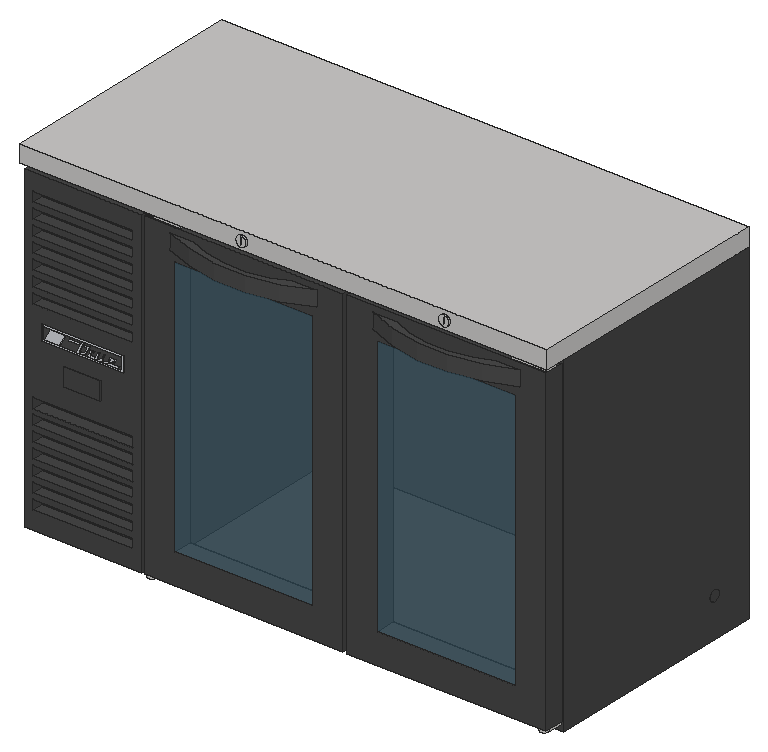
Revit family "QF_TRUE_TBR52-RISZ1-L-B-GG-1", category Specialty Equipment, Revit 2016
Family settings
  Part Type = Normal
  Round Connector Dimension = Use Diameter
  Work Plane-Based = No
  Always vertical = Yes
  Cut with Voids When Loaded = No
  Shared = No
  Room Calculation Point = No
Parameters (values of type "QF_TRUE_TBR52-RISZ1-L-B-GG-1")
  Weight in Pounds = 405
  Watts = if(Phase = 3, Volts * FL Amps * 1.73, Volts * FL Amps)  # 207 W
  Waste Water Discharge Temperature = 0 °F
  Volts = 115 V
  URL Cutsheet = ""
  Specification by User = ""
  Specification by Manufacturer = ""
  Show Logo [instance] = yes
  Show Leg Levelers [instance] = no
  Show Standard Unit [instance] = yes
  Show Seismic Flange [instance] = no
  Show 6 Inches Legs [instance] = no
  Show Clearance [instance] = no
  Show 1 Inch Rollers [instance] = no
  Show 5 Inches Castors [instance] = no
  Show 4 Inches Castors [instance] = no
  Show 3 Inches Castors [instance] = no
  Show 2 Inches Castors [instance] = no
  Serial Number = ""
  Seismic Rating = ""
  SMACNA No = ""
  Revision Code = ""
  Plumbing Remarks = ""
  Plumbing Connection Type = ""
  Phase = 1
  Number of Poles = 1
  NAFEM Spec ID Number = ""
  Model = "TBR52-RISZ1-L-B-GG-1"
  Min Ckt Ampacity = 0 A
  Max Overcurrent Protection = 0 A
  Masterspec = ""
  Manufacturer = "TRUE"
  Length = 52"
  Item Number = ""
  Installed By = ""
  Indirect Waste Size = 1"
  Indirect Waste Flow = 0 GPM
  Indirect Waste Connection Type = ""
  Indirect Waste Connection Height = 0"
  Identify Quantity as Lot = yes
  Height [instance] = if(Show Standard Unit, 34 11/16", if(Show Leg Levelers, 34 15/16", if(Show 1 Inch Rollers, 35 9/16", if(Show 2 Inches Castors, 37 9/16", if(Show 3 Inches Castors, 38 9/16", if(Show 4 Inches Castors, 39 3/4", if(Show 5 Inches Castors, 40 3/4", if(Show 6 Inches Legs, 40 11/16", if(Show Seismic Flange, 40 11/16", 34 11/16")))))))))  # 34 11/16"
  HP = "1/5"
  Furnished By = ""
  Foodservice Equipment Identifier = yes
  FL Amps = 1.8 A
  Electrical Remarks = ""
  Electric Connection Type = ""
  Elec Conn RI Height = 0"
  Elec Conn Connection Height = 0"
  Description = "REACH-IN SINGLE ZONE REFRIGERATOR WITH LEFT SIDE REFRIGERATION SYSTEM. BLACK EXTERIOR AND GLASS SWING DOORS"
  Depth = 26 3/8"
  Cycle = 60 Hz
  Conn Plug = "NEMA 5-15P"
  Conn Conduit = yes
  Cold Water Temperature Recommended = 0 °F
  Cold Water Size = 2 1/4"
  Cold Water RI Height = 0"
  Cold Water Minimum Pressure = 0.00 psi
  Cold Water Maximum Pressure = 0.00 psi
  Cold Water Flow = 0 GPM
  Cold Water Consumption = ""
  Cold Water Connection Height = 0"
  CSI MasterFormat = ""
  Apparent Power = if(Phase = 3, Volts * FL Amps * 1.73, Volts * FL Amps)  # 207 VA
Reference planes (in)
  plane 1 "BACK": y = 0
  plane 2: z = 0
  plane 3 "LEFT": x = 0
  plane 4 "RIGHT": x = 52
  plane 5 "FRONT": y = -26.375
  plane 6 "TOP": z = 0
  plane 7 "Center Y": x = 26
  plane 8 "Center X": y = -13.1875
  plane 9: y = -24.84375
  plane 10: y = -24.65625
  plane 11: y = -43.59375
  plane 12: z = 34.6875
Dimensions and locks (in)
  equal spacing: plane 3 "LEFT", plane 7 "Center Y", plane 4 "RIGHT"
  "Length": plane 3 "LEFT" to plane 4 "RIGHT"
  equal spacing: plane 5 "FRONT", plane 8 "Center X", plane 1 "BACK"
  "Depth": plane 5 "FRONT" to plane 1 "BACK"
  "Height": plane 12 to level
  plane 3 "LEFT" to plane 4 "RIGHT" = 52"
  plane 5 "FRONT" to plane 1 "BACK" = 26 3/8"
  plane 9 to plane 1 "BACK" = 24 27/32"
  plane 10 to plane 1 "BACK" = 24 21/32"
  plane 11 to plane 1 "BACK" = 43 19/32"
  locked: plane 12 to plane 6 "TOP" at 34.6875
  aligned and locked: level to plane 2
  aligned and locked: nested 1 to plane 6 "TOP"
Nested families (in)
  nested 1: "TBR52-RISZ1-L-B-GG-1" at (0, 0, 0), Show Clearance <- "Show Clearance", Show Logo <- "Show Logo", type "TBR52-RISZ1-L-B-GG-1"
    with Show Logo yes, Show Clearance no
  nested 2: "CASTORS & LEGS" at (4, -20.61228, 0), Show 2 Inches Castors <- "Show 2 Inches Castors", Show 3 Inches Castors <- "Show 3 Inches Castors", Show 4 Inches Castors <- "Show 4 Inches Castors", Show 5 Inches Castors <- "Show 5 Inches Castors", Show Legs <- "Show 6 Inches Legs", Show Legs with Flandge <- "Show Seismic Flange", Show 1 Inch Rollers <- "Show 1 Inch Rollers", Show Leg Levelers <- "Show Leg Levelers", type "CASTORS & LEGS"
    with Type Mark "", Status "", Specification by User "", Show Legs with Flandge no, Show Legs no, Show Leg Levelers no, Show 5 Inches Castors no, Show 4 Inches Castors no, Show 3 Inches Castors no, Show 2 Inches Castors no, Show 1 Inch Rollers no, Revision Code "", Item Number "", Installed By "", Identify Quantity as Lot yes, Furnished By "", Foodservice Equipment Identifier yes
  nested 3: "CASTORS & LEGS" at (48, -20.61228, 0), Show 2 Inches Castors <- "Show 2 Inches Castors", Show 3 Inches Castors <- "Show 3 Inches Castors", Show 4 Inches Castors <- "Show 4 Inches Castors", Show 5 Inches Castors <- "Show 5 Inches Castors", Show Legs <- "Show 6 Inches Legs", Show Legs with Flandge <- "Show Seismic Flange", Show 1 Inch Rollers <- "Show 1 Inch Rollers", Show Leg Levelers <- "Show Leg Levelers", type "CASTORS & LEGS"
    with Type Mark "", Status "", Specification by User "", Show Legs with Flandge no, Show Legs no, Show Leg Levelers no, Show 5 Inches Castors no, Show 4 Inches Castors no, Show 3 Inches Castors no, Show 2 Inches Castors no, Show 1 Inch Rollers no, Revision Code "", Item Number "", Installed By "", Identify Quantity as Lot yes, Furnished By "", Foodservice Equipment Identifier yes
  nested 4: "CASTORS & LEGS" at (4, -3.48728, 0), Show 2 Inches Castors <- "Show 2 Inches Castors", Show 3 Inches Castors <- "Show 3 Inches Castors", Show 4 Inches Castors <- "Show 4 Inches Castors", Show 5 Inches Castors <- "Show 5 Inches Castors", Show Legs <- "Show 6 Inches Legs", Show Legs with Flandge <- "Show Seismic Flange", Show 1 Inch Rollers <- "Show 1 Inch Rollers", Show Leg Levelers <- "Show Leg Levelers", type "CASTORS & LEGS"
    with Type Mark "", Status "", Specification by User "", Show Legs with Flandge no, Show Legs no, Show Leg Levelers no, Show 5 Inches Castors no, Show 4 Inches Castors no, Show 3 Inches Castors no, Show 2 Inches Castors no, Show 1 Inch Rollers no, Revision Code "", Item Number "", Installed By "", Identify Quantity as Lot yes, Furnished By "", Foodservice Equipment Identifier yes
  nested 5: "CASTORS & LEGS" at (48, -3.48728, 0), Show 2 Inches Castors <- "Show 2 Inches Castors", Show 3 Inches Castors <- "Show 3 Inches Castors", Show 4 Inches Castors <- "Show 4 Inches Castors", Show 5 Inches Castors <- "Show 5 Inches Castors", Show Legs <- "Show 6 Inches Legs", Show Legs with Flandge <- "Show Seismic Flange", Show 1 Inch Rollers <- "Show 1 Inch Rollers", Show Leg Levelers <- "Show Leg Levelers", type "CASTORS & LEGS"
    with Type Mark "", Status "", Specification by User "", Show Legs with Flandge no, Show Legs no, Show Leg Levelers no, Show 5 Inches Castors no, Show 4 Inches Castors no, Show 3 Inches Castors no, Show 2 Inches Castors no, Show 1 Inch Rollers no, Revision Code "", Item Number "", Installed By "", Identify Quantity as Lot yes, Furnished By "", Foodservice Equipment Identifier yes
Connectors (in)
  electrical at (6, 0.25, 18.5), driven by "Volts", driven by "Watts"
    settings: on nested 1, index 1, voltage 115 V, apparent load 207 VA, apparent load phase1 0 VA, apparent load phase2 0 VA, apparent load phase3 0 VA, power factor 1, load classification "Other", number of poles 1, system type 30, power factor state 1, is connector primary yes, connector utility no, sub classification motor no, connector description "ELECTRICAL CONNECTION"
  piping at (16.75, -4.96875, 0.48808), diameter 2.25
    settings: on nested 1, index 2, connector inside diameter 24", connector length 0", flow factor 0, pipe flow 0 GPM, pressure drop 0.00 psi, fitting loss kfactor 0, connector angle 0.00°, fixture units 0, engagement length 0", angle of deflection 0.00°, flow configuration 1, flow direction 2, fitting loss method 0, system type 16, joint type 0, gender type 0, connector reference index -1, connector utility 0, adjustable connector no, is connector primary yes, connector description "FLOOR ACCESS"
  piping at (44.25, -4.34375, 0.48808), diameter 1, driven by "Indirect Waste Size"
    settings: on nested 1, index 3, connector inside diameter 24", connector length 0", flow factor 0, pipe flow 0 GPM, pressure drop 0.00 psi, fitting loss kfactor 0, connector angle 0.00°, fixture units 0, engagement length 0", angle of deflection 0.00°, flow configuration 1, flow direction 1, fitting loss method 0, system type 22, joint type 0, gender type 0, connector reference index -1, connector utility 0, adjustable connector no, is connector primary no, connector description "DRAIN"
  piping at (52.125, -4.3125, 3.96875), diameter 1
    settings: on nested 1, index 4, connector inside diameter 24", connector length 0", flow factor 0, pipe flow 0 GPM, pressure drop 0.00 psi, fitting loss kfactor 0, connector angle 0.00°, fixture units 0, engagement length 0", angle of deflection 0.00°, flow configuration 1, flow direction 1, fitting loss method 0, system type 22, joint type 0, gender type 0, connector reference index -1, connector utility 0, adjustable connector no, is connector primary no, connector description "CONDENSATE"
Definition of nested family "TBR52-RISZ1-L-B-GG-1"
  Parameters (values of type "TBR52-RISZ1-L-B-GG-1")
    Weight in Pounds = 405
    Watts = if(Phase = 3, Volts * FL Amps * 1.73, Volts * FL Amps)  # 207 W
    Waste Water Discharge Temperature = 0 °F
    Volts = 115 V
    URL Cutsheet = ""
    Specification by User = ""
    Specification by Manufacturer = ""
    Show Logo [instance] = yes
    Show Clearance [instance] = yes
    Serial Number = ""
    Seismic Rating = ""
    SMACNA No = ""
    Revision Code = ""
    Plumbing Remarks = ""
    Plumbing Connection Type = ""
    Phase = 1
    Number of Poles = 1
    NAFEM Spec ID Number = ""
    Model = "TBR52-RISZ1-L-B-GG-1"
    Min Ckt Ampacity = 0 A
    Max Overcurrent Protection = 0 A
    Masterspec = ""
    Manufacturer = "TRUE"
    Length = 52"
    Item Number = ""
    Installed By = ""
    Indirect Waste Size = 1"
    Indirect Waste Flow = 0 GPM
    Indirect Waste Connection Type = ""
    Indirect Waste Connection Height = 0"
    Identify Quantity as Lot = yes
    Height = 34 11/16"
    HP = "1/5"
    Furnished By = ""
    Foodservice Equipment Identifier = yes
    FL Amps = 1.8 A
    Electrical Remarks = ""
    Electric Connection Type = ""
    Elec Conn RI Height = 0"
    Elec Conn Connection Height = 0"
    Description = "REACH-IN SINGLE ZONE REFRIGERATOR WITH LEFT SIDE REFRIGERATION SYSTEM. BLACK EXTERIOR AND GLASS SWING DOORS"
    Depth = 26 3/8"
    Cycle = 60 Hz
    Conn Plug = "NEMA 5-15P"
    Conn Conduit = yes
    Cold Water Temperature Recommended = 0 °F
    Cold Water Size = 2 1/4"
    Cold Water RI Height = 0"
    Cold Water Minimum Pressure = 0.00 psi
    Cold Water Maximum Pressure = 0.00 psi
    Cold Water Flow = 0 GPM
    Cold Water Consumption = ""
    Cold Water Connection Height = 0"
    CSI MasterFormat = ""
    Apparent Power = if(Phase = 3, Volts * FL Amps * 1.73, Volts * FL Amps)  # 207 VA
  Reference planes (in)
    plane 1 "BACK": y = 0
    plane 2: z = 0
    plane 3 "LEFT": x = 0
    plane 4 "RIGHT": x = 52
    plane 5 "FRONT": y = -26.375
    plane 6 "TOP": z = 34.6875
    plane 7 "Center Y": x = 26
    plane 8 "Center X": y = -13.1875
    plane 9: y = -24.84375
    plane 10: y = -24.65625
    plane 11: y = -43.59375
  Forms (in)
    Extrusion 1, solid
      sketch origin (0, 0, 0) x (0, 1, 0) y (0, 0, 1)
        loop
          line (-24.84375, 34.6875) -> (-24.84375, 32.9375) -> (0, 32.9375) -> (0, 34.6875) -> (-24.84375, 34.6875)
      from 0 to 52
    Extrusion 2, solid
      sketch origin (0, 0, 0) x (1, 0, 0) y (0, 0, 1)
        loop
          line (0, 32.9375) -> (0, 0) -> (52, 0) -> (52, 32.9375) -> (0, 32.9375)
        loop
          line (12.09375, 32.46875) -> (12.09375, 0.78125) -> (51.75, 0.78125) -> (51.75, 32.46875) -> (12.09375, 32.46875)
      from 0 to 22.75
    Extrusion 3, solid
      sketch origin (0, 0, 0) x (-1, 0, 0) y (0, 0, 1)
        loop
          line (-12.09375, 32.46875) -> (-51.75, 32.46875) -> (-51.75, 0.78125) -> (-12.09375, 0.78125) -> (-12.09375, 32.46875)
      from 0 to -2
    Extrusion 4, solid
      sketch origin (0, -22.75, 0) x (1, 0, 0) y (0, 0, 1)
        loop
          line (0.25, 0.78125) -> (11.84375, 0.78125) -> (11.84375, 32.46875) -> (0.25, 32.46875) -> (0.25, 0.78125)
        loop
          line (1.125, 30.81709) -> (1.125, 29.81709) -> (10.96875, 29.81709) -> (10.96875, 30.81709) -> (1.125, 30.81709)
        loop
          line (1.125, 29.31709) -> (1.125, 28.31709) -> (10.96875, 28.31709) -> (10.96875, 29.31709) -> (1.125, 29.31709)
        loop
          line (1.125, 27.81709) -> (1.125, 26.81709) -> (10.96875, 26.81709) -> (10.96875, 27.81709) -> (1.125, 27.81709)
        loop
          line (1.125, 26.31709) -> (1.125, 25.31709) -> (10.96875, 25.31709) -> (10.96875, 26.31709) -> (1.125, 26.31709)
        loop
          line (1.125, 24.81709) -> (1.125, 23.81709) -> (10.96875, 23.81709) -> (10.96875, 24.81709) -> (1.125, 24.81709)
        loop
          line (1.125, 21.81709) -> (1.125, 20.81709) -> (10.96875, 20.81709) -> (10.96875, 21.81709) -> (1.125, 21.81709)
        loop
          line (1.125, 23.31709) -> (1.125, 22.31709) -> (10.96875, 22.31709) -> (10.96875, 23.31709) -> (1.125, 23.31709)
        loop
          line (1.125, 12.56709) -> (1.125, 11.56709) -> (10.96875, 11.56709) -> (10.96875, 12.56709) -> (1.125, 12.56709)
        loop
          line (1.125, 11.06709) -> (1.125, 10.06709) -> (10.96875, 10.06709) -> (10.96875, 11.06709) -> (1.125, 11.06709)
        loop
          line (1.125, 9.56709) -> (1.125, 8.56709) -> (10.96875, 8.56709) -> (10.96875, 9.56709) -> (1.125, 9.56709)
        loop
          line (1.125, 8.06709) -> (1.125, 7.06709) -> (10.96875, 7.06709) -> (10.96875, 8.06709) -> (1.125, 8.06709)
        loop
          line (1.125, 6.56709) -> (1.125, 5.56709) -> (10.96875, 5.56709) -> (10.96875, 6.56709) -> (1.125, 6.56709)
        loop
          line (1.125, 3.56709) -> (1.125, 2.56709) -> (10.96875, 2.56709) -> (10.96875, 3.56709) -> (1.125, 3.56709)
        loop
          line (1.125, 5.06709) -> (1.125, 4.06709) -> (10.96875, 4.06709) -> (10.96875, 5.06709) -> (1.125, 5.06709)
      from 0.125 to 1.90625
    Extrusion 5, solid
      sketch origin (0, -22.75, 0) x (1, 0, 0) y (0, 0, 1)
        loop
          line (12.09375, 0.78125) -> (31.71875, 0.78125) -> (31.71875, 32.46875) -> (12.09375, 32.46875) -> (12.09375, 0.78125)
        loop
          line (51.75, 0.78125) -> (51.75, 32.46875) -> (32.125, 32.46875) -> (32.125, 0.78125) -> (51.75, 0.78125)
        loop
          line (28.71875, 29.46875) -> (15.09375, 29.46875) -> (15.09375, 3.78125) -> (28.71875, 3.78125) -> (28.71875, 29.46875)
        loop
          line (48.75, 29.46875) -> (35.125, 29.46875) -> (35.125, 3.78125) -> (48.75, 3.78125) -> (48.75, 29.46875)
      from 0 to 1.90625
    Extrusion 6, solid
      sketch origin (0, -22.75, 0) x (1, 0, 0) y (0, 0, 1)
        loop
          line (35.125, 29.46875) -> (35.125, 3.78125) -> (48.75, 3.78125) -> (48.75, 29.46875) -> (35.125, 29.46875)
        loop
          line (15.09375, 29.46875) -> (15.09375, 3.78125) -> (28.71875, 3.78125) -> (28.71875, 29.46875) -> (15.09375, 29.46875)
      from 0 to 1.90625
    Extrusion 7, solid
      sketch origin (0.04324, -24.65625, 0) x (1, 0, 0) y (0, 0, 1)
        loop
          line (4.20676, 16.37472) -> (4.20676, 14.62472) -> (7.80051, 14.62472) -> (7.80051, 16.37472) -> (4.20676, 16.37472)
      from 0 to 0.125
    Extrusion 8, solid
      sketch origin (6, -24.84375, 34.4375) x (0, 0, 1) y (-1, 0, 0)
        loop
          circle (-0.65572, -15.90625) r 0.5
        loop
          line (-0.32569, -15.84362) -> (-0.96744, -15.84362) -> (-0.96744, -15.98332) -> (-0.32569, -15.98332) -> (-0.32569, -15.84362)
        loop
          circle (-0.65572, -35.9375) r 0.5
        loop
          line (-0.32569, -35.87487) -> (-0.96744, -35.87487) -> (-0.96744, -36.01457) -> (-0.32569, -36.01457) -> (-0.32569, -35.87487)
      from 0 to 0.125
    Extrusion 9, solid
      sketch origin (0, -22.75, 0) x (1, 0, 0) y (0, 0, 1)
        loop
          line (1.28286, 30.81709) -> (1.28286, 29.81709) -> (11.12661, 29.81709) -> (11.12661, 30.81709) -> (1.28286, 30.81709)
        loop
          line (1.28286, 29.31709) -> (1.28286, 28.31709) -> (11.12661, 28.31709) -> (11.12661, 29.31709) -> (1.28286, 29.31709)
        loop
          line (1.28286, 27.81709) -> (1.28286, 26.81709) -> (11.12661, 26.81709) -> (11.12661, 27.81709) -> (1.28286, 27.81709)
        loop
          line (1.28286, 26.31709) -> (1.28286, 25.31709) -> (11.12661, 25.31709) -> (11.12661, 26.31709) -> (1.28286, 26.31709)
        loop
          line (1.28286, 24.81709) -> (1.28286, 23.81709) -> (11.12661, 23.81709) -> (11.12661, 24.81709) -> (1.28286, 24.81709)
        loop
          line (1.28286, 21.81709) -> (1.28286, 20.81709) -> (11.12661, 20.81709) -> (11.12661, 21.81709) -> (1.28286, 21.81709)
        loop
          line (1.28286, 23.31709) -> (1.28286, 22.31709) -> (11.12661, 22.31709) -> (11.12661, 23.31709) -> (1.28286, 23.31709)
        loop
          line (1.28286, 12.56709) -> (1.28286, 11.56709) -> (11.12661, 11.56709) -> (11.12661, 12.56709) -> (1.28286, 12.56709)
        loop
          line (1.28286, 11.06709) -> (1.28286, 10.06709) -> (11.12661, 10.06709) -> (11.12661, 11.06709) -> (1.28286, 11.06709)
        loop
          line (1.28286, 9.56709) -> (1.28286, 8.56709) -> (11.12661, 8.56709) -> (11.12661, 9.56709) -> (1.28286, 9.56709)
        loop
          line (1.28286, 8.06709) -> (1.28286, 7.06709) -> (11.12661, 7.06709) -> (11.12661, 8.06709) -> (1.28286, 8.06709)
        loop
          line (1.28286, 6.56709) -> (1.28286, 5.56709) -> (11.12661, 5.56709) -> (11.12661, 6.56709) -> (1.28286, 6.56709)
        loop
          line (1.28286, 3.56709) -> (1.28286, 2.56709) -> (11.12661, 2.56709) -> (11.12661, 3.56709) -> (1.28286, 3.56709)
        loop
          line (1.28286, 5.06709) -> (1.28286, 4.06709) -> (11.12661, 4.06709) -> (11.12661, 5.06709) -> (1.28286, 5.06709)
      from 0.125 to 0.7394
    Extrusion 10, solid
      sketch origin (38.62034, -22.77627, 32.7789) x (-1, 0, 0) y (0, -1, 0)
        loop
          line (26.54069, 1.96875) -> (25.55416, 1.96875) -> (25.58853, 0) -> (26.50632, 0) -> (26.54069, 1.96875)
        loop
          circle (26.09249, 1.43752) r 0.25
      from 0 to 0.1586
    Extrusion 11, solid
      sketch origin (11.86749, -22.16889, 0.78125) x (0, -1, 0) y (-1, 0, 0)
        loop
          line (0.60739, -1.14466) -> (2.06523, -1.11503)
          arc (2.06523, -1.11503) -> (2.48736, -0.68546) -> (2.06523, -0.25589) r 0.42963
          line (2.06523, -0.25589) -> (0.60739, -0.22626) -> (0.60739, -1.14466)
        loop
          circle (2.05773, -0.68546) r 0.25
      from 0 to 0.22057
    Extrusion 12, solid
      sketch origin (11.86749, -22.16889, 0.78125) x (0, -1, 0) y (-1, 0, 0)
        loop
          circle (2.05773, -0.68546) r 0.25
      from 0 to 0.29961
    Extrusion 13, solid
      sketch origin (38.62034, -22.16889, 32.46875) x (-1, 0, 0) y (0, -1, 0)
        loop
          line (26.52659, 1.27764) -> (26.52659, 2.32875) -> (23.06149, 2.32875) -> (23.06149, 1.27764) -> (26.52659, 1.27764)
        loop
          circle (26.09113, 1.82353) r 0.25
        loop
          circle (24.44087, 1.81192) r 0.25
        loop
          circle (23.44087, 1.81192) r 0.25
      from 0 to 0.22057
    Extrusion 14, solid
      sketch origin (38.62034, -22.16889, 32.46875) x (-1, 0, 0) y (0, -1, 0)
        loop
          circle (24.44087, 1.81192) r 0.25
        loop
          circle (23.44087, 1.81192) r 0.25
      from 0 to 0.31015
    Extrusion 15, solid
      sketch origin (11.86749, -22.16889, 0.78125) x (0, -1, 0) y (-1, 0, 0)
        loop
          line (0.60739, -1.14466) -> (2.06523, -1.11503)
          arc (2.06523, -1.11503) -> (2.48736, -0.68546) -> (2.06523, -0.25589) r 0.42963
          line (2.06523, -0.25589) -> (0.60739, -0.22626) -> (0.60739, -1.14466)
        loop
          circle (2.05773, -0.68546) r 0.25
      from 0 to 0.22057
    Extrusion 16, solid
      sketch origin (11.86749, -22.16889, 0.78125) x (0, -1, 0) y (-1, 0, 0)
        loop
          circle (2.05773, -0.68546) r 0.25
      from 0 to 0.29961
    Extrusion 17, solid
      sketch origin (38.62034, -22.16889, 32.9664) x (-1, 0, 0) y (0, -1, 0)
        loop
          circle (26.09249, 1.82353) r 0.25
      from -0.0289 to -0.27708
    Extrusion 18, solid
      sketch origin (25.22341, -22.77627, 32.7789) x (1, 0, 0) y (0, 1, 0)
        loop
          line (26.54069, -1.96875) -> (26.50632, 0) -> (25.58853, 0) -> (25.55416, -1.96875) -> (26.54069, -1.96875)
        loop
          circle (26.09249, -1.43752) r 0.25
      from 0 to 0.1586
    Extrusion 19, solid
      sketch origin (51.97626, -22.16889, 0.78125) x (0, 1, 0) y (1, 0, 0)
        loop
          line (-0.60739, -1.14466) -> (-0.60739, -0.22626) -> (-2.06523, -0.25589)
          arc (-2.06523, -0.25589) -> (-2.48736, -0.68546) -> (-2.06523, -1.11503) r 0.42963
          line (-2.06523, -1.11503) -> (-0.60739, -1.14466)
        loop
          circle (-2.05773, -0.68546) r 0.25
      from 0 to 0.22057
    Extrusion 20, solid
      sketch origin (51.97626, -22.16889, 0.78125) x (0, 1, 0) y (1, 0, 0)
        loop
          circle (-2.05773, -0.68546) r 0.25
      from 0 to 0.29961
    Extrusion 21, solid
      sketch origin (25.22341, -22.16889, 32.46875) x (1, 0, 0) y (0, 1, 0)
        loop
          line (26.52659, -1.27764) -> (23.06149, -1.27764) -> (23.06149, -2.32875) -> (26.52659, -2.32875) -> (26.52659, -1.27764)
        loop
          circle (26.09113, -1.82353) r 0.25
        loop
          circle (24.44087, -1.81192) r 0.25
        loop
          circle (23.44087, -1.81192) r 0.25
      from 0 to 0.22057
    Extrusion 22, solid
      sketch origin (25.22341, -22.16889, 32.46875) x (1, 0, 0) y (0, 1, 0)
        loop
          circle (24.44087, -1.81192) r 0.25
        loop
          circle (23.44087, -1.81192) r 0.25
      from 0 to 0.31015
    Extrusion 23, solid
      sketch origin (51.97626, -22.16889, 0.78125) x (0, 1, 0) y (1, 0, 0)
        loop
          line (-0.60739, -1.14466) -> (-0.60739, -0.22626) -> (-2.06523, -0.25589)
          arc (-2.06523, -0.25589) -> (-2.48736, -0.68546) -> (-2.06523, -1.11503) r 0.42963
          line (-2.06523, -1.11503) -> (-0.60739, -1.14466)
        loop
          circle (-2.05773, -0.68546) r 0.25
      from 0 to 0.22057
    Extrusion 24, solid
      sketch origin (51.97626, -22.16889, 0.78125) x (0, 1, 0) y (1, 0, 0)
        loop
          circle (-2.05773, -0.68546) r 0.25
      from 0 to 0.29961
    Extrusion 25, solid
      sketch origin (25.22341, -22.16889, 32.9664) x (1, 0, 0) y (0, 1, 0)
        loop
          circle (26.09249, -1.82353) r 0.25
      from -0.0289 to -0.27708
    Extrusion 26, solid
      sketch origin (32.8125, -22.75, 32.46875) x (-1, 0, 0) y (0, -1, 0)
        loop
          arc (18.16831, 1.90625) -> (10.90625, 3.65113) -> (3.64419, 1.90625) r 15.9845
          line (3.64419, 1.90625) -> (5.9146, 1.90625)
          arc (5.9146, 1.90625) -> (10.90625, 3.15287) -> (15.8979, 1.90625) r 10.61701
          line (15.8979, 1.90625) -> (18.16831, 1.90625)
        loop
          arc (-1.86294, 1.90625) -> (-9.125, 3.65113) -> (-16.38706, 1.90625) r 15.9845
          line (-16.38706, 1.90625) -> (-14.11665, 1.90625)
          arc (-14.11665, 1.90625) -> (-9.125, 3.15287) -> (-4.13335, 1.90625) r 10.61701
          line (-4.13335, 1.90625) -> (-1.86294, 1.90625)
      from -2.11784 to -0.60631
    Extrusion 27, solid
      sketch origin (52, 0, 0) x (0, -1, 0) y (0, 0, 1)
        loop
          circle (4.3125, 3.96875) r 0.5
      from 0 to -0.125
    Extrusion 28, solid
      sketch origin (0, 0, 0) x (-1, 0, 0) y (0, 0, 1)
        loop
          line (0, 0) -> (0, 19.4375) -> (-10.96875, 19.4375) -> (-10.96875, 0) -> (0, 0)
      from 0 to 0.125
    Extrusion 29, solid
      sketch origin (0, 0, 0) x (-1, 0, 0) y (0, 0, 1)
        loop
          circle (-6, 18.5) r 0.5
        loop
          circle (-6, 21.75) r 0.5
      from 0 to 0.25
    Extrusion 30, solid
      sketch origin (48, 0, 0) x (0, 1, 0) y (1, 0, 0)
        loop
          circle (-4.96875, -31.25) r 1.25
        loop
          circle (-4.34375, -3.75) r 0.5
      from 0 to -0.48808
    Extrusion 31, solid, visible <- "Show Clearance", detail levels coarse
      sketch origin (0, 0, 0) x (1, 0, 0) y (0, 1, 0)
        loop
          line (12.09375, -24.65625) -> (12.09375, -43.59375)
          arc (12.09375, -43.59375) -> (25.76963, -38.12863) -> (31.71875, -24.65625) r 19.49216
          line (31.71875, -24.65625) -> (12.09375, -24.65625)
        loop
          line (51.75, -24.65625) -> (32.125, -24.65625)
          arc (32.125, -24.65625) -> (38.07412, -38.12863) -> (51.75, -43.59375) r 19.49216
          line (51.75, -43.59375) -> (51.75, -24.65625)
      from 0.78125 to 32.46875
  Lines and regions (in)
    symbolic lines
      curve 1: line (28.74756, -34.45883, 0) -> (12.09375, -24.84375, 0)
      curve 2: arc (32.13124, -24.84375, 0) -> (32.98261, -29.8459, 0) -> (35.09619, -34.45883, 0) r 19.49216
      curve 3: arc (28.74756, -34.45883, 0) -> (30.86114, -29.8459, 0) -> (31.71251, -24.84375, 0) r 19.49216
      curve 4: arc (15.02421, -24.84375, 0) -> (21.90625, -26.40113, 0) -> (28.78829, -24.84375, 0) r 15.9845
      curve 5: arc (26.52876, -24.84375, 0) -> (21.90625, -25.90287, 0) -> (17.28374, -24.84375, 0) r 10.61701
      curve 6: arc (35.05546, -24.84375, 0) -> (41.9375, -26.40113, 0) -> (48.81954, -24.84375, 0) r 15.9845
      curve 7: arc (46.56001, -24.84375, 0) -> (41.9375, -25.90287, 0) -> (37.31499, -24.84375, 0) r 10.61701
      curve 8: line (52, 0, 0) -> (0, 0, 0)
      curve 9: line (52, -24.84375, 0) -> (52, 0, 0)
      curve 10: line (0, -24.84375, 0) -> (52, -24.84375, 0)
      curve 11: line (0, 0, 0) -> (0, -24.84375, 0)
      curve 12: line (35.09619, -34.45883, 0) -> (51.75, -24.84375, 0)
  Dimensions and locks (in)
    equal spacing: plane 3 "LEFT", plane 7 "Center Y", plane 4 "RIGHT"
    "Length": plane 3 "LEFT" to plane 4 "RIGHT"
    equal spacing: plane 5 "FRONT", plane 8 "Center X", plane 1 "BACK"
    "Depth": plane 5 "FRONT" to plane 1 "BACK"
    "Height": plane 6 "TOP" to level
    plane 3 "LEFT" to plane 4 "RIGHT" = 52"
    plane 5 "FRONT" to plane 1 "BACK" = 26 3/8"
    plane 9 to plane 1 "BACK" = 24 27/32"
    plane 10 to plane 1 "BACK" = 24 21/32"
    plane 11 to plane 1 "BACK" = 43 19/32"
    Extrusion 4 to Extrusion 4 = 11 19/32"
    Extrusion 5 to Extrusion 5 = 19 5/8"  (x2)
    Extrusion 30 sketch curve to plane 4 "RIGHT" = 7 3/4"
    Extrusion 30 sketch curve to plane 1 "BACK" = 4 11/32"
    plane 3 "LEFT" to Extrusion 30 sketch curve = 16 3/4"
    Extrusion 30 sketch curve to plane 1 "BACK" = 4 31/32"
    Extrusion 29 sketch curve to plane 3 "LEFT" = 6"
    plane 2 to Extrusion 29 sketch curve = 18 1/2"
    aligned and locked: level to plane 2
  Automatic sketch dimensions
    Extrusion 1 sketch curve to plane 9 = 0"
    Extrusion 1 sketch curve to plane 1 "BACK" = 0"
    Extrusion 1 sketch curve to plane 6 "TOP" = 0"
    Extrusion 1 sketch curve to plane 6 "TOP" = 1 3/4"
    Extrusion 2 sketch curve to level = 0"
    Extrusion 2 sketch curve to plane 3 "LEFT" = 0"
    level to Extrusion 2 sketch curve = 25/32"
    plane 3 "LEFT" to Extrusion 2 sketch curve = 12 3/32"
    plane 4 "RIGHT" to Extrusion 2 sketch curve = 1/4"
    Extrusion 2 sketch curve to Extrusion 2 sketch curve = 1/4"
    Extrusion 2 sketch curve to plane 6 "TOP" = 2 7/32"
    Extrusion 2 sketch curve to plane 6 "TOP" = 1 3/4"
    Extrusion 3 sketch curve to Extrusion 2 = 0"  (x3)
    Extrusion 2 to Extrusion 3 sketch curve = 0"
    Extrusion 4 sketch curve to Extrusion 2 = 0"  (x2)
    Extrusion 4 sketch curve to Extrusion 2 = 1/4"  (x2)
    Extrusion 4 sketch curve to Extrusion 2 = 1 1/8"  (x8)
    Extrusion 4 sketch curve to Extrusion 4 sketch curve = 0"  (x20)
    Extrusion 2 to Extrusion 4 sketch curve = 1.78584"
    Extrusion 4 sketch curve to Extrusion 4 sketch curve = 1"  (x14)
    Extrusion 4 sketch curve to Extrusion 4 sketch curve = 1/2"  (x12)
    Extrusion 4 sketch curve to Extrusion 4 sketch curve = 8 1/4"
    Extrusion 5 sketch curve to Extrusion 2 = 0"  (x5)
    Extrusion 2 to Extrusion 5 sketch curve = 0"
    Extrusion 2 to Extrusion 5 sketch curve = 3"  (x6)
    Extrusion 5 sketch curve to Extrusion 5 sketch curve = 13 5/8"
    Extrusion 5 sketch curve to Extrusion 5 sketch curve = 3"  (x2)
    Extrusion 5 sketch curve to Extrusion 5 sketch curve = 13/32"
    Extrusion 2 to Extrusion 6 sketch curve = 3"  (x6)
    Extrusion 6 sketch curve to Extrusion 6 sketch curve = 13 5/8"
    Extrusion 6 sketch curve to Extrusion 6 sketch curve = 6 13/32"
    Extrusion 4 to Extrusion 7 sketch curve = 3 1/8"  (x2)
    Extrusion 7 sketch curve to Extrusion 4 = 2.05764"
    Extrusion 7 sketch curve to Extrusion 7 sketch curve = 1 3/4"
    Extrusion 8 sketch curve to Extrusion 1 = 0.53256"  (x2)
    Extrusion 8 sketch curve to Extrusion 8 sketch curve = 0.31172"  (x2)
    Extrusion 8 sketch curve to Extrusion 8 sketch curve = 0.33003"  (x2)
    Extrusion 1 to Extrusion 8 sketch curve = 9.98543"
    Extrusion 8 sketch curve to Extrusion 8 sketch curve = 0.07707"  (x2)
    Extrusion 8 sketch curve to Extrusion 8 sketch curve = 0.1397"  (x2)
    Extrusion 8 sketch curve to Extrusion 8 sketch curve = 19.89155"
    Extrusion 9 sketch curve to Extrusion 2 = 1.28286"  (x4)
    Extrusion 9 sketch curve to Extrusion 9 sketch curve = 0"  (x20)
    Extrusion 9 sketch curve to Extrusion 2 = 0.96714"  (x4)
    Extrusion 2 to Extrusion 9 sketch curve = 1.78584"
    Extrusion 9 sketch curve to Extrusion 9 sketch curve = 1"  (x14)
    Extrusion 9 sketch curve to Extrusion 9 sketch curve = 1/2"  (x12)
    Extrusion 9 sketch curve to Extrusion 9 sketch curve = 8 1/4"
    plane 10 to Extrusion 10 sketch curve = 0.08877"
    Extrusion 10 sketch curve to plane 7 "Center Y" = 12.93382"
    Extrusion 10 sketch curve to plane 10 = 1.87998"
    Extrusion 10 sketch curve to Extrusion 10 sketch curve = 0.03436"
    Extrusion 10 sketch curve to Extrusion 10 sketch curve = 0.53832"
    Extrusion 10 sketch curve to Extrusion 10 sketch curve = 0.91779"
    Extrusion 10 sketch curve to Extrusion 10 sketch curve = 0.4482"
    Extrusion 10 sketch curve to plane 10 = 0.44246"
    Extrusion 11 sketch curve to Extrusion 11 sketch curve = 0"  (x2)
    Extrusion 11 sketch curve to plane 10 = 1.87998"
    Extrusion 11 sketch curve to plane 10 = 0.42963"
    Extrusion 11 sketch curve to plane 10 = 0.42214"  (x2)
    plane 3 "LEFT" to Extrusion 11 sketch curve = 12 3/32"
    Extrusion 11 sketch curve to Extrusion 11 sketch curve = 0.02963"
    Extrusion 11 sketch curve to Extrusion 11 sketch curve = 0.42957"
    Extrusion 11 sketch curve to Extrusion 11 sketch curve = 0.91839"
    Extrusion 12 sketch curve to plane 10 = 0.42963"
    plane 3 "LEFT" to Extrusion 12 sketch curve = 12.55295"
    Extrusion 13 sketch curve to plane 10 = 0.15862"
    Extrusion 13 sketch curve to plane 7 "Center Y" = 10.44115"
    Extrusion 13 sketch curve to Extrusion 13 sketch curve = 0.37938"
    Extrusion 13 sketch curve to Extrusion 13 sketch curve = 1"
    Extrusion 13 sketch curve to plane 10 = 0.66383"
    Extrusion 13 sketch curve to Extrusion 13 sketch curve = 1.65026"
    Extrusion 13 sketch curve to Extrusion 13 sketch curve = 0.43546"
    Extrusion 13 sketch curve to Extrusion 13 sketch curve = 0.51683"
    Extrusion 13 sketch curve to plane 10 = 0.67545"
    Extrusion 13 sketch curve to Extrusion 13 sketch curve = 0.5459"
    Extrusion 14 sketch curve to plane 10 = 0.67545"  (x2)
    Extrusion 14 sketch curve to plane 7 "Center Y" = 10.82053"
    Extrusion 14 sketch curve to Extrusion 14 sketch curve = 1"
    Extrusion 15 sketch curve to Extrusion 15 sketch curve = 0"  (x2)
    Extrusion 15 sketch curve to plane 10 = 1.87998"
    Extrusion 15 sketch curve to plane 10 = 0.42963"
    Extrusion 15 sketch curve to plane 10 = 0.42214"  (x2)
    plane 3 "LEFT" to Extrusion 15 sketch curve = 12 3/32"
    Extrusion 15 sketch curve to Extrusion 15 sketch curve = 0.02963"
    Extrusion 15 sketch curve to Extrusion 15 sketch curve = 0.42957"
    Extrusion 15 sketch curve to Extrusion 15 sketch curve = 0.91839"
    Extrusion 16 sketch curve to plane 10 = 0.42963"
    plane 3 "LEFT" to Extrusion 16 sketch curve = 12.55295"
    Extrusion 17 sketch curve to Extrusion 17 sketch curve = 0"  (x2)
    Extrusion 17 sketch curve to plane 10 = 0.66383"
    plane 3 "LEFT" to Extrusion 17 sketch curve = 12.52785"
    Extrusion 17 sketch curve to Extrusion 17 sketch curve = 1/4"
    plane 10 to Extrusion 18 sketch curve = 0.08877"
    plane 4 "RIGHT" to Extrusion 18 sketch curve = 1.22243"
    Extrusion 18 sketch curve to plane 10 = 1.87998"
    Extrusion 18 sketch curve to Extrusion 18 sketch curve = 0.03436"
    Extrusion 18 sketch curve to Extrusion 18 sketch curve = 0.53832"
    Extrusion 18 sketch curve to Extrusion 18 sketch curve = 0.91779"
    Extrusion 18 sketch curve to Extrusion 18 sketch curve = 0.4482"
    Extrusion 18 sketch curve to plane 10 = 0.44246"
    Extrusion 19 sketch curve to Extrusion 19 sketch curve = 0"  (x2)
    Extrusion 19 sketch curve to plane 10 = 0.42214"  (x2)
    Extrusion 19 sketch curve to Extrusion 19 sketch curve = 0.0075"
    Extrusion 19 sketch curve to Extrusion 19 sketch curve = 1.45784"
    plane 4 "RIGHT" to Extrusion 19 sketch curve = 1/4"
    Extrusion 19 sketch curve to Extrusion 19 sketch curve = 0.02963"
    Extrusion 19 sketch curve to Extrusion 19 sketch curve = 0.42957"
    Extrusion 19 sketch curve to Extrusion 19 sketch curve = 0.91839"
    Extrusion 20 sketch curve to plane 10 = 0.42963"
    plane 4 "RIGHT" to Extrusion 20 sketch curve = 0.7092"
    Extrusion 21 sketch curve to plane 10 = 0.15862"
    plane 4 "RIGHT" to Extrusion 21 sketch curve = 3.7151"
    Extrusion 21 sketch curve to Extrusion 21 sketch curve = 0.37938"
    Extrusion 21 sketch curve to Extrusion 21 sketch curve = 1"
    Extrusion 21 sketch curve to plane 10 = 0.66383"
    Extrusion 21 sketch curve to Extrusion 21 sketch curve = 1.65026"
    Extrusion 21 sketch curve to Extrusion 21 sketch curve = 0.43546"
    Extrusion 21 sketch curve to plane 10 = 0.67545"
    Extrusion 21 sketch curve to Extrusion 21 sketch curve = 0.51683"
    Extrusion 21 sketch curve to Extrusion 21 sketch curve = 0.53428"
    Extrusion 22 sketch curve to plane 10 = 0.67545"  (x2)
    plane 4 "RIGHT" to Extrusion 22 sketch curve = 3.33572"
    Extrusion 22 sketch curve to Extrusion 22 sketch curve = 1"
    Extrusion 23 sketch curve to Extrusion 23 sketch curve = 0"  (x2)
    Extrusion 23 sketch curve to plane 10 = 0.42214"  (x2)
    Extrusion 23 sketch curve to Extrusion 23 sketch curve = 0.0075"
    Extrusion 23 sketch curve to Extrusion 23 sketch curve = 1.45784"
    plane 4 "RIGHT" to Extrusion 23 sketch curve = 1/4"
    Extrusion 23 sketch curve to Extrusion 23 sketch curve = 0.02963"
    Extrusion 23 sketch curve to Extrusion 23 sketch curve = 0.42957"
    Extrusion 23 sketch curve to Extrusion 23 sketch curve = 0.91839"
    Extrusion 24 sketch curve to plane 10 = 0.42963"
    plane 4 "RIGHT" to Extrusion 24 sketch curve = 0.7092"
    Extrusion 25 sketch curve to Extrusion 25 sketch curve = 0"  (x2)
    Extrusion 25 sketch curve to plane 10 = 0.66383"
    plane 4 "RIGHT" to Extrusion 25 sketch curve = 0.6841"
    Extrusion 25 sketch curve to Extrusion 25 sketch curve = 1/4"
    plane 10 to Extrusion 26 sketch curve = 0"  (x4)
    plane 4 "RIGHT" to Extrusion 26 sketch curve = 2.80044"
    plane 4 "RIGHT" to Extrusion 26 sketch curve = 5.07085"
    plane 7 "Center Y" to Extrusion 26 sketch curve = 3.16831"
    Extrusion 26 sketch curve to Extrusion 26 sketch curve = 2.2704"
    Extrusion 26 sketch curve to plane 7 "Center Y" = 4 3/32"  (x2)
    Extrusion 26 sketch curve to plane 8 "Center X" = 2.09836"  (x2)
    plane 8 "Center X" to Extrusion 26 sketch curve = 2.77087"  (x2)
    plane 4 "RIGHT" to Extrusion 26 sketch curve = 10 1/16"
    Extrusion 26 sketch curve to Extrusion 26 sketch curve = 0"
    Extrusion 28 sketch curve to level = 0"
    Extrusion 28 sketch curve to plane 3 "LEFT" = 0"
    plane 3 "LEFT" to Extrusion 28 sketch curve = 10 31/32"
    Extrusion 28 sketch curve to plane 6 "TOP" = 15 1/4"
    Extrusion 29 sketch curve to Extrusion 29 sketch curve = 0"
    Extrusion 29 sketch curve to Extrusion 29 sketch curve = 3 1/4"
    plane 1 "BACK" to Extrusion 27 sketch curve = 4 5/16"
    level to Extrusion 27 sketch curve = 3 31/32"
    plane 10 to Extrusion 31 sketch curve = 0"  (x2)
    Extrusion 31 sketch curve to plane 11 = 0"  (x2)
    plane 3 "LEFT" to Extrusion 31 sketch curve = 12 3/32"
    Extrusion 31 sketch curve to Extrusion 31 sketch curve = 0.14072"
    plane 7 "Center Y" to Extrusion 31 sketch curve = 5 23/32"
    Extrusion 31 sketch curve to Extrusion 31 sketch curve = 13/32"
    plane 4 "RIGHT" to Extrusion 31 sketch curve = 0.39072"
    plane 4 "RIGHT" to Extrusion 31 sketch curve = 1/4"
    curve 11 to plane 3 "LEFT" = 0"
    curve 1 to plane 9 = 0"
    plane 1 "BACK" to curve 8 = 0"
    curve 8 to plane 4 "RIGHT" = 0"
    curve 3 to plane 10 = 0.55415"
    curve 5 to plane 7 "Center Y" = 4 3/32"
    curve 4 to plane 7 "Center Y" = 4 3/32"
    plane 7 "Center Y" to curve 1 = 2.74756"
    plane 8 "Center X" to curve 6 = 2.77087"
    plane 4 "RIGHT" to curve 6 = 10 1/16"
    curve 7 to plane 8 "Center X" = 2.09836"
    curve 7 to curve 6 = 0"
    plane 4 "RIGHT" to curve 2 = 0.39072"
    plane 5 "FRONT" to curve 1 = 8.08383"
    curve 2 to plane 10 = 0.55415"
    curve 5 to plane 8 "Center X" = 2.09836"
    plane 8 "Center X" to curve 4 = 2.77087"
    curve 1 to curve 3 = 0.14072"
    curve 3 to curve 4 = 2.78974"
    curve 4 to curve 5 = 2.25953"
    curve 3 to curve 2 = 0.41872"
    curve 3 to curve 12 = 6.34862"
    curve 2 to curve 6 = 2.92422"
    curve 6 to curve 7 = 2.25953"
    plane 4 "RIGHT" to curve 12 = 1/4"
    curve 3 to curve 12 = 0"
    radius of Extrusion 8 sketch curve = 1/2"  (x2)
    radius of Extrusion 10 sketch curve = 1/4"
    radius of Extrusion 11 sketch curve = 1/4"
    radius of Extrusion 12 sketch curve = 1/4"
    radius of Extrusion 13 sketch curve = 1/4"  (x3)
    radius of Extrusion 14 sketch curve = 1/4"  (x2)
    radius of Extrusion 15 sketch curve = 1/4"
    radius of Extrusion 16 sketch curve = 1/4"
    radius of Extrusion 18 sketch curve = 1/4"
    radius of Extrusion 19 sketch curve = 1/4"
    radius of Extrusion 20 sketch curve = 1/4"
    radius of Extrusion 21 sketch curve = 1/4"  (x3)
    radius of Extrusion 22 sketch curve = 1/4"  (x2)
    radius of Extrusion 23 sketch curve = 1/4"
    radius of Extrusion 24 sketch curve = 1/4"
    radius of Extrusion 29 sketch curve = 1/2"  (x2)
    radius of Extrusion 27 sketch curve = 1/2"
    radius of Extrusion 30 sketch curve = 1 1/4"
    radius of Extrusion 30 sketch curve = 1/2"
  Nested families (in)
    nested 1: "QF_LOGO_TRUE" at (1.99687, -24.65625, 17.85445), visible <- "Show Logo", Show Logo <- "Show Logo", type "QF_LOGO_TRUE", detail levels medium+fine
      with Show Logo yes
  Connectors (in)
    electrical at (6, 0.25, 18.5), driven by "Volts", driven by "Watts"
      settings: on Extrusion 29, index 1, voltage 115 V, apparent load 207 VA, apparent load phase1 0 VA, apparent load phase2 0 VA, apparent load phase3 0 VA, power factor 1, load classification none, number of poles 1, system type 30, power factor state 1, is connector primary yes, connector utility no, sub classification motor no, connector description "ELECTRICAL CONNECTION"
    piping at (52.125, -4.3125, 3.96875), diameter 1
      settings: on Extrusion 27, index 2, connector inside diameter 24", connector length 0", flow factor 0, pipe flow 0 GPM, pressure drop 0.00 psi, fitting loss kfactor 0, connector angle 0.00°, fixture units 0, engagement length 0", angle of deflection 0.00°, flow configuration 1, flow direction 1, fitting loss method 0, system type 22, joint type 0, gender type 0, connector reference index -1, connector utility 0, adjustable connector no, is connector primary yes, connector description "CONDENSATE"
    piping at (44.25, -4.34375, 0.48808), diameter 1
      settings: on Extrusion 30, index 3, connector inside diameter 24", connector length 0", flow factor 0, pipe flow 0 GPM, pressure drop 0.00 psi, fitting loss kfactor 0, connector angle 0.00°, fixture units 0, engagement length 0", angle of deflection 0.00°, flow configuration 1, flow direction 1, fitting loss method 0, system type 16, joint type 0, gender type 0, connector reference index -1, connector utility 0, adjustable connector no, is connector primary no, connector description "DRAIN"
    piping at (16.75, -4.96875, 0.48808), diameter 2.25
      settings: on Extrusion 30, index 4, connector inside diameter 24", connector length 0", flow factor 0, pipe flow 0 GPM, pressure drop 0.00 psi, fitting loss kfactor 0, connector angle 0.00°, fixture units 0, engagement length 0", angle of deflection 0.00°, flow configuration 1, flow direction 1, fitting loss method 0, system type 20, joint type 0, gender type 0, connector reference index -1, connector utility 0, adjustable connector no, is connector primary no, connector description "COLD WATER CONNECTION"
  Definition of nested family "QF_LOGO_TRUE"
    Parameters (values of type "QF_LOGO_TRUE")
      Show Logo [instance] = yes
    Reference planes (in)
      plane 1 "Center (Front/Back)": y = 0
      plane 2: z = 0
      plane 3 "Center (Left/Right)": x = 0
    Forms (in)
      Extrusion 1, solid, visible <- "Show Logo"
        sketch origin (-78.34647, 34.76905, -30.51001) x (1, 0, 0) y (0, 0, 1)
          loop
            line (81.15226, 31.65456) -> (81.07353, 31.48573) -> (82.12083, 31.48573)
            arc (82.12083, 31.48573) -> (82.14208, 31.44814) -> (82.12083, 31.41055) r 0.04386
            line (82.12083, 31.41055) -> (81.84767, 30.82478)
            arc (81.84767, 30.82478) -> (81.84531, 30.77052) -> (81.882, 30.73048) r 0.07096
            line (81.882, 30.73048) -> (82.55165, 30.73048)
            arc (82.55165, 30.73048) -> (82.63621, 30.75714) -> (82.69019, 30.82748) r 0.14742
            line (82.69019, 30.82748) -> (82.90515, 31.28847) -> (83.10265, 31.28847)
            arc (83.10265, 31.28847) -> (83.15447, 31.26942) -> (83.14697, 31.21472) r 0.04405
            line (83.14697, 31.21472) -> (82.9671, 30.82899)
            arc (82.9671, 30.82899) -> (82.9699, 30.76493) -> (83.02398, 30.73048) r 0.06943
            line (83.02398, 30.73048) -> (83.6124, 30.73048)
            arc (83.6124, 30.73048) -> (83.65748, 30.74689) -> (83.68147, 30.78844) r 0.07014
            arc (83.68147, 30.78844) -> (83.69845, 30.74745) -> (83.73943, 30.73048) r 0.05796
            line (83.73943, 30.73048) -> (84.112, 30.73048)
            arc (84.112, 30.73048) -> (84.15504, 30.74201) -> (84.18655, 30.77352) r 0.08608
            arc (84.18655, 30.77352) -> (84.20164, 30.7371) -> (84.23806, 30.72202) r 0.0515
            line (84.23806, 30.72202) -> (84.76757, 30.72202)
            arc (84.76757, 30.72202) -> (84.81086, 30.73995) -> (84.8288, 30.78324) r 0.06122
            arc (84.8288, 30.78324) -> (84.86848, 30.74355) -> (84.92269, 30.72903) r 0.10842
            line (84.92269, 30.72903) -> (85.91461, 30.72903) -> (86.02479, 30.91987) -> (85.0243, 30.91987)
            arc (85.0243, 30.91987) -> (84.99669, 30.93902) -> (84.99566, 30.97261) r 0.03732
            line (84.99566, 30.97261) -> (85.01297, 31.00972)
            arc (85.01297, 31.00972) -> (85.03954, 31.04453) -> (85.0813, 31.05774) r 0.07263
            line (85.0813, 31.05774) -> (85.40289, 31.05774)
            arc (85.40289, 31.05774) -> (85.4723, 31.07633) -> (85.52311, 31.12715) r 0.13882
            line (85.52311, 31.12715) -> (85.61625, 31.28847)
            arc (85.61625, 31.28847) -> (85.61625, 31.37458) -> (85.54168, 31.41763) r 0.08611
            line (85.54168, 31.41763) -> (85.20227, 31.41763)
            arc (85.20227, 31.41763) -> (85.11574, 31.40294) -> (85.05538, 31.33923) r 0.13863
            line (85.05538, 31.33923) -> (84.89409, 30.99333)
            arc (84.89409, 30.99333) -> (84.84649, 30.9313) -> (84.77191, 30.90778) r 0.13002
            line (84.77191, 30.90778) -> (84.41984, 30.90778)
            arc (84.41984, 30.90778) -> (84.3777, 30.95378) -> (84.38042, 31.0161) r 0.08151
            line (84.38042, 31.0161) -> (84.56766, 31.41763) -> (84.44849, 31.41763) -> (84.25012, 30.99222)
            arc (84.25012, 30.99222) -> (84.21158, 30.94199) -> (84.15119, 30.92296) r 0.10527
            line (84.15119, 30.92296) -> (83.90842, 30.92296)
            arc (83.90842, 30.92296) -> (83.8674, 30.97642) -> (83.87619, 31.04323) r 0.08805
            line (83.87619, 31.04323) -> (84.05078, 31.41763) -> (83.92772, 31.41763) -> (83.72676, 30.98668)
            arc (83.72676, 30.98668) -> (83.68011, 30.94003) -> (83.61639, 30.92296) r 0.12745
            line (83.61639, 30.92296) -> (83.26484, 30.92296)
            arc (83.26484, 30.92296) -> (83.2017, 30.9524) -> (83.19563, 31.0218) r 0.06967
            line (83.19563, 31.0218) -> (83.31118, 31.26961) -> (83.47452, 31.26961)
            arc (83.47452, 31.26961) -> (83.50209, 31.35268) -> (83.56075, 31.41763) r 0.21289
            line (83.56075, 31.41763) -> (82.92244, 31.41763)
            arc (82.92244, 31.41763) -> (82.85151, 31.40191) -> (82.80242, 31.34834) r 0.12081
            line (82.80242, 31.34834) -> (82.6294, 30.9773)
            arc (82.6294, 30.9773) -> (82.58962, 30.93752) -> (82.53528, 30.92296) r 0.10869
            line (82.53528, 30.92296) -> (82.1542, 30.92296)
            arc (82.1542, 30.92296) -> (82.12446, 30.96315) -> (82.13012, 31.01283) r 0.06822
            line (82.13012, 31.01283) -> (82.38156, 31.48573) -> (83.01596, 31.48573) -> (83.09469, 31.65456) -> (82.46029, 31.65456) -> (82.53902, 31.8234) -> (82.31334, 31.8234) -> (82.23461, 31.65456) -> (81.15226, 31.65456)
          loop
            arc (85.15937, 31.26434) -> (85.13191, 31.25698) -> (85.1118, 31.23688) r 0.05494
            line (85.1118, 31.23688) -> (85.09547, 31.18665)
            arc (85.09547, 31.18665) -> (85.10304, 31.16837) -> (85.12133, 31.16079) r 0.02586
            line (85.12133, 31.16079) -> (85.39889, 31.16079)
            arc (85.39889, 31.16079) -> (85.41888, 31.16523) -> (85.43513, 31.1777) r 0.04731
            line (85.43513, 31.1777) -> (85.44863, 31.2402)
            arc (85.44863, 31.2402) -> (85.44466, 31.25693) -> (85.42914, 31.26434) r 0.01994
            line (85.42914, 31.26434) -> (85.15937, 31.26434)
          loop
            line (78.62961, 30.74125) -> (80.12032, 30.74125) -> (80.73891, 31.81268) -> (79.2482, 31.81268) -> (78.62961, 30.74125)
        from 34.76797 to 34.83173
      Extrusion 2, solid, visible <- "Show Logo"
        sketch origin (-142.84857, 34.75108, -33.3546) x (1, 0, 0) y (0, 0, 1)
          loop
            line (150.81107, 34.71978) -> (142.98607, 34.71978) -> (142.98607, 33.4921) -> (150.81107, 33.4921) -> (150.81107, 34.71978)
        from 34.75108 to 34.78125
      Extrusion 3, solid, visible <- "Show Logo"
        sketch origin (-142.84857, 34.75108, -33.3546) x (1, 0, 0) y (0, 0, 1)
          loop
            line (150.94857, 34.85727) -> (142.84857, 34.85727) -> (142.84857, 33.3546) -> (150.94857, 33.3546) -> (150.94857, 34.85727)
          loop
            line (142.98607, 34.71978) -> (142.98607, 33.4921) -> (150.81107, 33.4921) -> (150.81107, 34.71978) -> (142.98607, 34.71978)
        from 34.75108 to 34.81376
      Extrusion 4, solid, not visible
        sketch origin (121.45701, -16.5, 4.98235) x (1, 0, 0) y (0, 0, 1)
          loop
            line (25.20115, 35.89949) -> (25.20115, 33.96647) -> (30.95381, 33.96647) -> (30.95381, 35.89949) -> (25.20115, 35.89949)
        from 31.5 to 31.54261
      Extrusion 5, solid, not visible
        sketch origin (121.45701, -16.5, 4.98235) x (1, 0, 0) y (0, 0, 1)
          loop
            line (26.7387, 34.95472) -> (26.61492, 34.49276) -> (27.038, 34.49276)
            arc (27.038, 34.49276) -> (27.13117, 34.52484) -> (27.18485, 34.60749) r 0.15134
            arc (27.18485, 34.60749) -> (27.20396, 34.68138) -> (27.22435, 34.75493) r 4.37326
            arc (27.22435, 34.75493) -> (27.23458, 34.81765) -> (27.22435, 34.88037) r 0.1974
            arc (27.22435, 34.88037) -> (27.18247, 34.93579) -> (27.11563, 34.95472) r 0.10914
            line (27.11563, 34.95472) -> (26.7387, 34.95472)
          loop
            line (26.90201, 34.80638) -> (26.84645, 34.59903) -> (26.92855, 34.59903)
            arc (26.92855, 34.59903) -> (26.98205, 34.6185) -> (27.01051, 34.6678) r 0.08322
            line (27.01051, 34.6678) -> (27.02399, 34.74424)
            arc (27.02399, 34.74424) -> (27.01491, 34.78454) -> (26.97985, 34.80638) r 0.05353
            line (26.97985, 34.80638) -> (26.90201, 34.80638)
          loop
            line (27.45336, 34.66131) -> (27.76233, 34.66131) -> (27.78859, 34.73909)
            arc (27.78859, 34.73909) -> (27.7878, 34.82039) -> (27.73107, 34.87864) r 0.10925
            arc (27.73107, 34.87864) -> (27.68233, 34.8944) -> (27.63139, 34.89974) r 0.24595
            line (27.63139, 34.89974) -> (27.46708, 34.89974)
            arc (27.46708, 34.89974) -> (27.4068, 34.88073) -> (27.3535, 34.84677) r 0.2421
            arc (27.3535, 34.84677) -> (27.2897, 34.76363) -> (27.26702, 34.66131) r 0.2421
            line (27.26702, 34.66131) -> (27.26702, 34.54477)
            arc (27.26702, 34.54477) -> (27.31618, 34.4956) -> (27.38334, 34.47761) r 0.13431
            line (27.38334, 34.47761) -> (27.59054, 34.47761)
            arc (27.59054, 34.47761) -> (27.63459, 34.48281) -> (27.67622, 34.49812) r 0.18924
            line (27.67622, 34.49812) -> (27.73102, 34.61563)
            arc (27.73102, 34.61563) -> (27.68453, 34.59565) -> (27.63566, 34.58252) r 0.35376
            arc (27.63566, 34.58252) -> (27.55885, 34.56956) -> (27.48204, 34.58252) r 0.23415
            arc (27.48204, 34.58252) -> (27.44492, 34.61362) -> (27.45336, 34.66131) r 0.04838
          loop
            line (27.4842, 34.73042) -> (27.62012, 34.73042) -> (27.62621, 34.76496)
            arc (27.62621, 34.76496) -> (27.58961, 34.80242) -> (27.53739, 34.80638) r 0.0742
            arc (27.53739, 34.80638) -> (27.49747, 34.77773) -> (27.4842, 34.73042) r 0.0742
          loop
            line (27.91616, 34.97572) -> (27.78675, 34.49276) -> (27.98645, 34.49276) -> (28.11586, 34.97572) -> (27.91616, 34.97572)
          loop
            line (28.13678, 34.66131) -> (28.08755, 34.47761) -> (28.27134, 34.47761) -> (28.32056, 34.66131) -> (28.43674, 34.66131) -> (28.47974, 34.78864) -> (28.36519, 34.78864)
            arc (28.36519, 34.78864) -> (28.35733, 34.81649) -> (28.36921, 34.84288) r 0.04231
            arc (28.36921, 34.84288) -> (28.431, 34.8652) -> (28.49617, 34.85686) r 0.13988
            line (28.49617, 34.85686) -> (28.53544, 34.97317)
            arc (28.53544, 34.97317) -> (28.39725, 34.99096) -> (28.25905, 34.97317) r 0.54546
            arc (28.25905, 34.97317) -> (28.20849, 34.91994) -> (28.18197, 34.85147) r 0.1894
            line (28.18197, 34.85147) -> (28.17089, 34.78864) -> (28.11397, 34.78864) -> (28.07985, 34.66131) -> (28.13678, 34.66131)
          loop
            arc (28.74846, 34.89756) -> (28.65884, 34.88533) -> (28.56922, 34.89756) r 0.33455
            line (28.56922, 34.89756) -> (28.45669, 34.47761) -> (28.63593, 34.47761) -> (28.74846, 34.89756)
          loop
            arc (28.60398, 35.01195) -> (28.57699, 34.97173) -> (28.60398, 34.9315) r 0.04347
            line (28.60398, 34.9315) -> (28.75755, 34.9315)
            arc (28.75755, 34.9315) -> (28.78645, 34.96687) -> (28.77911, 35.01195) r 0.0556
            line (28.77911, 35.01195) -> (28.60398, 35.01195)
          loop
            line (28.95336, 34.66131) -> (29.26233, 34.66131) -> (29.28859, 34.73909)
            arc (29.28859, 34.73909) -> (29.2878, 34.82039) -> (29.23107, 34.87864) r 0.10925
            arc (29.23107, 34.87864) -> (29.18233, 34.8944) -> (29.13139, 34.89974) r 0.24595
            line (29.13139, 34.89974) -> (28.96708, 34.89974)
            arc (28.96708, 34.89974) -> (28.9068, 34.88073) -> (28.8535, 34.84677) r 0.2421
            arc (28.8535, 34.84677) -> (28.7897, 34.76363) -> (28.76702, 34.66131) r 0.2421
            line (28.76702, 34.66131) -> (28.76702, 34.54477)
            arc (28.76702, 34.54477) -> (28.81618, 34.4956) -> (28.88334, 34.47761) r 0.13431
            line (28.88334, 34.47761) -> (29.09054, 34.47761)
            arc (29.09054, 34.47761) -> (29.13459, 34.48281) -> (29.17622, 34.49812) r 0.18924
            line (29.17622, 34.49812) -> (29.23102, 34.61563)
            arc (29.23102, 34.61563) -> (29.18453, 34.59565) -> (29.13566, 34.58252) r 0.35376
            arc (29.13566, 34.58252) -> (29.05885, 34.56956) -> (28.98204, 34.58252) r 0.23415
            arc (28.98204, 34.58252) -> (28.94492, 34.61362) -> (28.95336, 34.66131) r 0.04838
          loop
            line (28.9842, 34.73042) -> (29.12012, 34.73042) -> (29.12621, 34.76496)
            arc (29.12621, 34.76496) -> (29.08961, 34.80242) -> (29.03739, 34.80638) r 0.0742
            arc (29.03739, 34.80638) -> (28.99747, 34.77773) -> (28.9842, 34.73042) r 0.0742
          loop
            line (29.41616, 34.97572) -> (29.28675, 34.49276) -> (29.48645, 34.49276) -> (29.61586, 34.97572) -> (29.41616, 34.97572)
          loop
            line (29.99836, 34.97572) -> (29.95192, 34.80242)
            arc (29.95192, 34.80242) -> (29.94473, 34.85705) -> (29.90102, 34.89059) r 0.07199
            arc (29.90102, 34.89059) -> (29.80023, 34.89941) -> (29.70251, 34.87322) r 0.29131
            arc (29.70251, 34.87322) -> (29.61806, 34.7652) -> (29.5896, 34.63108) r 0.30433
            line (29.5896, 34.63108) -> (29.5896, 34.55572)
            arc (29.5896, 34.55572) -> (29.61075, 34.50463) -> (29.66184, 34.48348) r 0.07224
            line (29.66184, 34.48348) -> (29.78537, 34.48348)
            arc (29.78537, 34.48348) -> (29.83854, 34.51313) -> (29.88504, 34.55243) r 0.31609
            line (29.88504, 34.55243) -> (29.86905, 34.49276) -> (30.05973, 34.49276) -> (30.18914, 34.97572) -> (29.99836, 34.97572)
          loop
            arc (29.84537, 34.75931) -> (29.79424, 34.71128) -> (29.77745, 34.64317) r 0.12371
            arc (29.77745, 34.64317) -> (29.80071, 34.59901) -> (29.85056, 34.59647) r 0.05045
            arc (29.85056, 34.59647) -> (29.90141, 34.64047) -> (29.92536, 34.7033) r 0.13769
            arc (29.92536, 34.7033) -> (29.90211, 34.75521) -> (29.84537, 34.75931) r 0.05543
          loop
            line (26.45047, 35.26762) -> (26.58211, 35.26762)
            arc (26.58211, 35.26762) -> (26.60467, 35.30821) -> (26.62126, 35.35157) r 0.3277
            arc (26.62126, 35.35157) -> (26.62714, 35.39992) -> (26.60877, 35.44503) r 0.09693
            arc (26.60877, 35.44503) -> (26.56454, 35.48868) -> (26.50462, 35.50516) r 0.12312
            arc (26.50462, 35.50516) -> (26.44158, 35.50565) -> (26.37854, 35.50546) r 5.76967
            arc (26.37854, 35.50546) -> (26.07462, 35.42923) -> (25.81045, 35.26076) r 0.97743
            line (25.81045, 35.26076) -> (25.85921, 35.26076)
            arc (25.85921, 35.26076) -> (26.08494, 35.39361) -> (26.3396, 35.45485) r 0.88817
            arc (26.3396, 35.45485) -> (26.41429, 35.44188) -> (26.47267, 35.39352) r 0.14748
            arc (26.47267, 35.39352) -> (26.48041, 35.32725) -> (26.45047, 35.26762) r 0.11636
          loop
            arc (26.35412, 35.17841) -> (26.19578, 35.0555) -> (26.00982, 34.98069) r 0.72453
            arc (26.00982, 34.98069) -> (25.9036, 34.95581) -> (25.79459, 34.9604) r 0.40201
            arc (25.79459, 34.9604) -> (25.7275, 34.98819) -> (25.69972, 35.05528) r 0.09488
            arc (25.69972, 35.05528) -> (25.71867, 35.12629) -> (25.77049, 35.17841) r 0.1425
            line (25.77049, 35.17841) -> (25.73665, 35.18748)
            arc (25.73665, 35.18748) -> (25.67632, 35.09876) -> (25.66924, 34.99171) r 0.20432
            arc (25.66924, 34.99171) -> (25.71443, 34.9227) -> (25.79473, 34.90384) r 0.11116
            arc (25.79473, 34.90384) -> (25.91172, 34.89904) -> (26.02716, 34.91862) r 0.56145
            arc (26.02716, 34.91862) -> (26.27675, 35.021) -> (26.49584, 35.17841) r 1.15683
            line (26.49584, 35.17841) -> (26.35412, 35.17841)
        from 31.54261 to 31.56272
    Dimensions and locks (in)
      aligned and locked: level to plane 2
      aligned and locked: Extrusion 2 to Extrusion 3  (x2)
      aligned and locked: Extrusion 2 sketch curve to Extrusion 3
Definition of nested family "CASTORS & LEGS"
  Parameters (values of type "CASTORS & LEGS")
    Weight = ""
    URL Manufacturer = ""
    URL Cutsheet = ""
    URL = ""
    Type Mark [instance] = ""
    Status [instance] = ""
    Specification by User [instance] = ""
    Specification by Manufacturer = ""
    Show Legs with Flandge [instance] = yes
    Show Legs [instance] = yes
    Show Leg Levelers [instance] = yes
    Show 1 Inch Rollers [instance] = yes
    Show 5 Inches Castors [instance] = yes
    Show 4 Inches Castors [instance] = yes
    Show 3 Inches Castors [instance] = yes
    Show 2 Inches Castors [instance] = yes
    Serial Number = ""
    Seismic Rating = ""
    SMACNA No = ""
    Revision Code [instance] = ""
    Omniclass Number and Title = ""
    NAFEM Spec ID Number = ""
    Model = ""
    MasterSpec. = ""
    Manufacturer = ""
    Item Number [instance] = ""
    Installed By [instance] = ""
    Identify Quantity as Lot [instance] = yes
    Furnished By [instance] = ""
